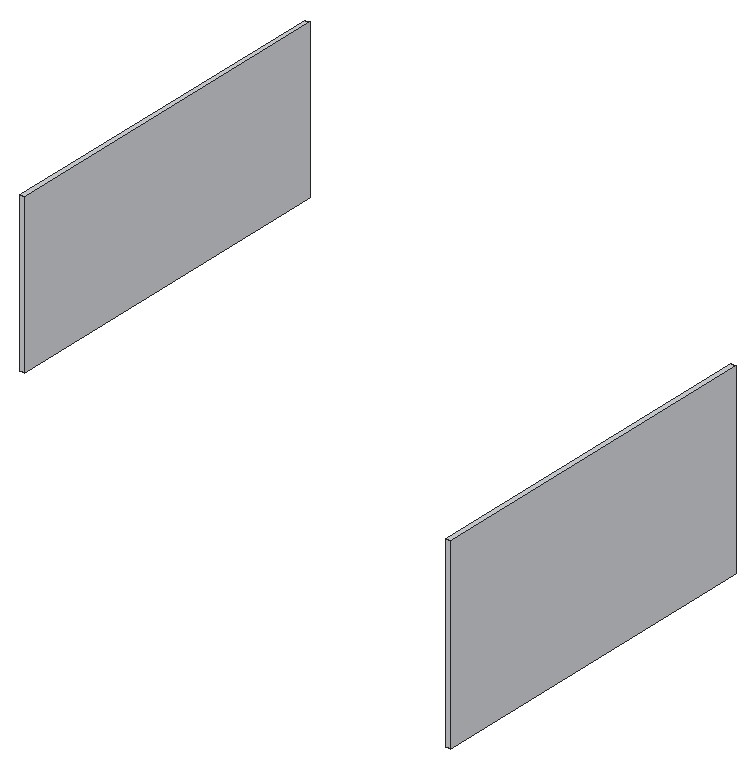
Revit family "EKF400E1 BIM position 1", category Mechanical Equipment, Revit 2013
Parameters (values of type "EKF400E1")
  Width = "700 mm"
  Weight = "63 kg"
  Warranty period = "Unit 2 years                                    Motor 5 years"
  Sub Type = "Lo-Carbon Kitchen Box Fan"
  Width (including handles) = "784 mm"
  Height (inclusing controller) = "826 mm"
  Product Description = "Lo-Carbon Kitchen Box Fan"
  Part Number = "EKF400E1"
  Operating Temperature = "(-20C to +40C)"
  Maximum In-Duct Temperature = "120 Degrees C"
  Motor Rating = "0.53kW Max"
  Manufacturer - Website = "www.vent-axia.com"
  Manufacturer - Name = "Vent-Axia Ltd"
  Manufacturer - Email = "sales@vent-axia.com"
  Manufacturer - Contact Phone = "0844 856 0590"
  Manufacturer - Address = "Fleming Way, Crawley, West Sussex RH10 9YX"
  IP Rating = "IP54"
  Height = "700 mm\r\n220mm"
  Length = "700 mm"
  Family = "In-Line Range"
  Country of Manufacture = "UK"
  Category = "Lo-Carbon Kitchen Box Fan"
  AC Voltage Input = "220-240 V AC (single phase)"
  AC Frequency Input = "50Hz nominal"
Reference planes
  plane 1 "Center (Front/Back)": y = 0
  plane 2: z = 0
  plane 3 "Center (Left/Right)": x = 0
  plane 4: z = 413
  plane 5: z = -413
  plane 6: y = -392
  plane 7: y = 392
  plane 8: z = 288.063
  plane 9: z = -411.937
  plane 10: y = 292.257
  plane 11: y = -291.465
  plane 12: z = 217.127
  plane 13: z = -40.516
  plane 14: z = -42.026
  plane 15: z = -346.468
Forms (mm)
  Extrusion 1, solid, detail levels coarse+medium
    sketch origin (-1379.08, 248.949, -45.414) x (1, 0, 0) y (0, 1, 0)
      loop
        line (919.08, 171.051) -> (919.08, -669.889) -> (1723.743, -669.889) -> (1723.743, 171.051) -> (919.08, 171.051)
    from -436.75 to 505.414
  Extrusion 2, solid
    sketch origin (0, 0, 0) x (0, 1, 0) y (0, 0, 1)
      loop
        line (292.257, -42.026) -> (-291.465, -42.026) -> (-291.465, -346.468) -> (292.257, -346.468) -> (292.257, -42.026)
    from 286.25 to 294.302
  Extrusion 3, solid
    sketch origin (-696.442, 0, 288.403) x (0, 1, 0) y (0, 0, 1)
      loop
        line (292.257, -71.276) -> (-291.465, -71.276) -> (-291.465, -328.919) -> (292.257, -328.919) -> (292.257, -71.276)
    from 286.25 to 294.302
Dimensions and locks
  plane 4 to plane 5 = 826 mm
  plane 7 to plane 6 = 784 mm
  plane 9 to plane 8 = 700 mm
  plane 10 to plane 11 = 583.723 mm
  plane 12 to plane 13 = 257.643 mm
  plane 14 to plane 15 = 304.442 mm
Connectors
  hvac at (294.302, 0.396, -194.247)
    settings: on import instance, index 1, duct flow 0.0 L/s, flow factor 0, pres drop 0.0 Pa, loss coef 0, conn angle 0.00°, conn width 584 mm, conn height 304 mm, conn radius 304.8 mm, duct sys type 2, conn prof type 1, flow config 0, flow direction 1, loss method 0, conn ref index -1, conn util no, is conn primary yes, conn desc ""
  hvac at (-403.65, 0.396, 88.305)
    settings: on import instance, index 2, duct flow 0.0 L/s, flow factor 0, pres drop 0.0 Pa, loss coef 0, conn angle 0.00°, conn width 584 mm, conn height 258 mm, conn radius 304.8 mm, duct sys type 2, conn prof type 1, flow config 0, flow direction 2, loss method 0, conn ref index -1, conn util no, is conn primary no, conn desc ""
